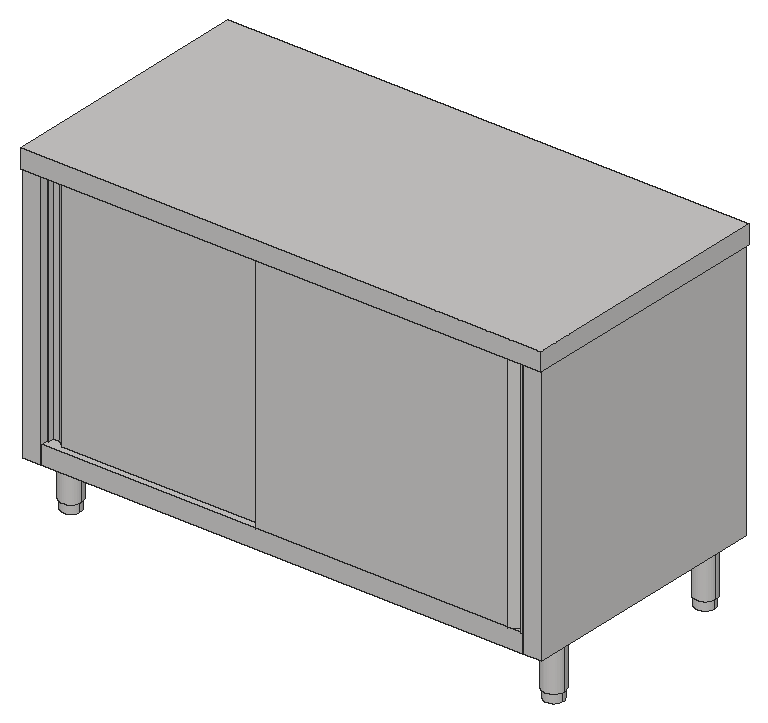
Revit family "QF_ZANUSSI_133246_MTND1400PN", category Attrezzature speciali, Revit 2020
Family settings
  Quota connettore circolare = Usa diametro
  Tipo di parte = Normale
  Basato su piano di lavoro = No
  Sempre verticale = Sì
  Taglio con vuoti quando caricato = No
  Condiviso = No
  Punto di calcolo locali = No
Parameters (values of type "Standard")
  Weight = 60.00 kg
  Watts = 0 W
  Volts = 0 V
  URL Manufacturer = "http://www.zanussiprofessional.com"
  URL = "http://www.zanussiprofessional.com"
  Steam Supply Size = 0 mm
  Steam Supply Minimum Pressure = 0.0 Pa
  Steam Supply Maximum Pressure = 0.0 Pa
  Steam Consumption per Hour = 0
  Refrigeration Suction Line Size = 0.0 mm
  Refrigeration Liquid Line Size = 0.0 mm
  Refrigerant Compressor Remote = yes
  Prospetto di default = 0.0 mm
  Produttore = "Zanussi"
  Phase = 0
  Modello = "MTND1400PN"
  Length Actual = 1400.0 mm  # constant formula
  Item Number = "133246"
  Hot Water Size = 0 mm
  Height Actual = 900.0 mm  # constant formula
  HP = "0 HP"
  Gas Size = 0 mm
  Gas KW = 0
  Gas Input Pressure = 0 W
  Direct Waste Size = 0 mm
  Descrizione = "WORKTOP CUPB.PASSTH+SHELF+SLIDING D.1400"
  Depth Actual = 700.0 mm  # constant formula
  Cycle = 0 Hz
  Condensate Return Size = 0 mm
  Compressed Air Volume = 0.0 L/s
  Compressed Air Size = 0 mm
  Compressed Air Pressure = 0.0 Pa
  Cold Water Size = 0 mm
  Accessory = yes
Reference planes
  plane 1 "Center (Front/Back)": y = 0
  plane 2: z = 0
  plane 3 "Center (Left/Right)": x = -200
  plane 4 "LEFT": x = -900
  plane 5 "RIGHT": x = 500
  plane 6 "BACK": y = 350
  plane 7 "FRONT": y = -350
  plane 8 "Base": z = 850
  plane 9 "TOP": z = 900
  plane 10: x = -850
  plane 11: x = 450
  plane 12: y = 267
  plane 13: y = -241.9
  plane 14 "BodyLeft": x = -899
  plane 15 "BodyFront": y = -344.5
  plane 16 "BodyRight": x = 499
  plane 17 "BodyBack": y = 344.5
  plane 18 "FEET": z = 150
  plane 19: x = -270
  plane 20: x = -130
Forms (mm)
  Extrusion 1, solid, material "QF_Finishes_Stainless Steel"
    sketch origin (-200, 0, 0) x (0, 1, 0) y (0, 0, 1)
      loop
        line (-350, 850) -> (350, 850) -> (350, 900) -> (-350, 900) -> (-350, 850)
    from 700 to -700
  Extrusion 2, solid, material "QF_Finishes_Stainless Steel"
    sketch origin (0, 0, 150) x (-1, 0, 0) y (0, -1, 0)
      loop
        line (899, -344.5) -> (899, 344.5) -> (849, 344.5) -> (849, -344.5) -> (899, -344.5)
      loop
        line (-449, -344.5) -> (-449, 344.5) -> (-499, 344.5) -> (-499, -344.5) -> (-449, -344.5)
    from 0 to 700
  Extrusion 3, solid, material "QF_Finishes_Stainless Steel"
    sketch origin (0, 0, 150) x (-1, 0, 0) y (0, -1, 0)
      loop
        line (849, -344.5) -> (849, 344.5) -> (-449, 344.5) -> (-449, -344.5) -> (849, -344.5)
    from 0 to 50
  Extrusion 4, solid, material "QF_Finishes_Stainless Steel"
    sketch origin (0, 0, 150) x (-1, 0, 0) y (0, -1, 0)
      loop
        line (-449, 344.5) -> (-449, 324.5) -> (270, 324.5) -> (270, 344.5) -> (-409, 344.5) -> (-429, 329.5) -> (-444, 329.5) -> (-444, 344.5) -> (-449, 344.5)
    from 50 to 700
  Extrusion 5, solid, material "QF_Finishes_Stainless Steel"
    sketch origin (0, 20, 150) x (1, 0, 0) y (0, 1, 0)
      loop
        line (-849, -344.5) -> (-844, -344.5) -> (-844, -329.5) -> (-829, -329.5) -> (-809, -344.5) -> (-130, -344.5) -> (-130, -324.5) -> (-849, -324.5) -> (-849, -344.5)
    from 50 to 700
  Extrusion 6, solid, material "QF_Finishes_Stainless Steel"
    sketch origin (0, 0, 150) x (-1, 0, 0) y (0, -1, 0)
      loop
        line (-447.6, -344.5) -> (-442.6, -344.5) -> (-442.6, -329.5) -> (-427.6, -329.5) -> (-407.6, -344.5) -> (130, -344.5) -> (130, -324.5) -> (-447.6, -324.5) -> (-447.6, -344.5)
    from 50 to 700
  Extrusion 7, solid, material "QF_Finishes_Stainless Steel"
    sketch origin (0, -20, 150) x (1, 0, 0) y (0, 1, 0)
      loop
        line (-847.6, 344.5) -> (-847.6, 324.5) -> (-270, 324.5) -> (-270, 344.5) -> (-807.6, 344.5) -> (-827.6, 329.5) -> (-842.6, 329.5) -> (-842.6, 344.5) -> (-847.6, 344.5)
    from 50 to 700
  Extrusion 8, solid, material "QF_Finishes_Stainless Steel"
    sketch origin (0, 0, 0) x (1, 0, 0) y (0, 1, 0)
      loop
        line (-849, -304.5) -> (449, -304.5) -> (449, 304.5) -> (-849, 304.5) -> (-849, -304.5)
    from 500 to 540
Lines and regions (mm)
  symbolic lines
    curve 1: line (500, 350, 900) -> (-900, 350, 900)
    curve 2: line (-900, 350, 900) -> (-900, -350, 900)
    curve 3: line (-900, -350, 900) -> (500, -350, 900)
    curve 4: line (500, -350, 900) -> (500, 350, 900)
  symbolic lines, style "SpecialityEquipmentHiddenLines"
    curve 5: line (-899, 344.5, 150) -> (499, 344.5, 150)
    curve 6: line (-899, -344.5, 150) -> (-899, 344.5, 150)
    curve 7: line (499, -344.5, 150) -> (-899, -344.5, 150)
    curve 8: line (499, 344.5, 150) -> (499, -344.5, 150)
    curve 9: line (-849, -304.5, 150) -> (-130, -304.5, 150)
    curve 10: line (-130, -304.5, 150) -> (-130, -324.5, 150)
    curve 11: line (-849, -324.5, 150) -> (449, -324.5, 150)
    curve 12: line (449, -324.5, 150) -> (449, -344.5, 150)
    curve 13: line (-270, -324.5, 150) -> (-270, -344.5, 150)
    curve 14: line (-849, -304.5, 150) -> (-849, -324.5, 150)
Dimensions and locks
  plane 4 "LEFT" to plane 5 "RIGHT" = 1400.0 mm
  equal spacing: plane 4 "LEFT", plane 3 "Center (Left/Right)", plane 5 "RIGHT"
  locked: plane 8 "Base" to level at 850
  plane 9 "TOP" to level = 900.0 mm
  plane 6 "BACK" to plane 7 "FRONT" = 700.0 mm
  equal spacing: plane 6 "BACK", plane 1 "Center (Front/Back)", plane 7 "FRONT"
  locked: plane 4 "LEFT" to plane 14 "BodyLeft" at 1
  locked: plane 16 "BodyRight" to plane 5 "RIGHT" at 1
  locked: plane 15 "BodyFront" to plane 7 "FRONT" at 5.5
  locked: plane 6 "BACK" to plane 17 "BodyBack" at 5.5
  locked: plane 14 "BodyLeft" to plane 10 at 49
  locked: plane 11 to plane 16 "BodyRight" at 49
  locked: plane 13 to plane 15 "BodyFront" at 102.6
  locked: plane 17 "BodyBack" to plane 12 at 77.5
  plane 10 to plane 11 = 1300.0 mm
  plane 12 to plane 13 = 508.9 mm
  locked: plane 14 "BodyLeft" to Extrusion 2 sketch curve at 50
  locked: Extrusion 2 sketch curve to Extrusion 2 sketch curve at 50
  locked: plane 3 "Center (Left/Right)" to plane 20 at 70
  locked: plane 19 to plane 3 "Center (Left/Right)" at 70
  locked: plane 18 "FEET" to level at 150
  aligned and locked: level to plane 2
  aligned and locked: plane 10 to nested 1
  aligned and locked: nested 1 to plane 13
  aligned and locked: plane 11 to nested 2
  aligned and locked: nested 2 to plane 13
  aligned and locked: plane 11 to nested 4
  aligned and locked: nested 4 to plane 12
  aligned and locked: plane 10 to nested 3
  aligned and locked: nested 3 to plane 12
  aligned and locked: Extrusion 1 to plane 4 "LEFT"
  aligned and locked: plane 5 "RIGHT" to Extrusion 1
  aligned and locked: curve 2 to plane 4 "LEFT"
  aligned and locked: plane 17 "BodyBack" to Extrusion 2 sketch curve
  aligned and locked: Extrusion 2 sketch curve to plane 15 "BodyFront"
  aligned and locked: Extrusion 2 sketch curve to plane 14 "BodyLeft"
  aligned and locked: plane 16 "BodyRight" to Extrusion 2 sketch curve
  aligned and locked: Extrusion 2 sketch curve to plane 17 "BodyBack"
  aligned and locked: plane 15 "BodyFront" to Extrusion 2 sketch curve
  aligned and locked: Extrusion 3 sketch curve to plane 17 "BodyBack"
  aligned and locked: plane 15 "BodyFront" to Extrusion 3 sketch curve
  aligned and locked: plane 8 "Base" to Extrusion 2
  aligned and locked: plane 8 "Base" to Extrusion 4
  aligned and locked: Extrusion 4 to Extrusion 3
  aligned and locked: Extrusion 1 to plane 8 "Base"
  aligned and locked: plane 9 "TOP" to Extrusion 1
  aligned and locked: curve 5 to plane 17 "BodyBack"
  aligned and locked: plane 14 "BodyLeft" to curve 6
  aligned and locked: plane 15 "BodyFront" to curve 7
  aligned and locked: plane 16 "BodyRight" to curve 8
  aligned and locked: Extrusion 3 to Extrusion 2  (x2)
  aligned and locked: Extrusion 8 sketch curve to Extrusion 7
  aligned and locked: Extrusion 8 sketch curve to Extrusion 2  (x2)
  aligned and locked: Extrusion 8 sketch curve to Extrusion 5
  aligned and locked: Extrusion 4 sketch curve to plane 19
  aligned and locked: Extrusion 5 sketch curve to plane 20
Automatic sketch dimensions
  curve 3 to plane 7 "FRONT" = 0.0 mm
  curve 4 to plane 6 "BACK" = 0.0 mm
  Extrusion 1 sketch curve to plane 7 "FRONT" = 0.0 mm
  Extrusion 1 sketch curve to plane 6 "BACK" = 0.0 mm
  Extrusion 1 sketch curve to plane 8 "Base" = 0.0 mm
  Extrusion 1 sketch curve to plane 9 "TOP" = 0.0 mm
  Extrusion 3 sketch curve to plane 11 = 1.0 mm
  plane 10 to Extrusion 3 sketch curve = 1.0 mm
  Extrusion 4 sketch curve to plane 15 "BodyFront" = 0.0 mm  (x2)
  Extrusion 4 sketch curve to plane 11 = 41.0 mm
  Extrusion 4 sketch curve to plane 11 = 21.0 mm
  Extrusion 4 sketch curve to plane 11 = 6.0 mm
  Extrusion 4 sketch curve to plane 11 = 1.0 mm
  plane 15 "BodyFront" to Extrusion 4 sketch curve = 15.0 mm
  plane 15 "BodyFront" to Extrusion 4 sketch curve = 20.0 mm
  Extrusion 5 sketch curve to plane 15 "BodyFront" = 20.0 mm  (x2)
  Extrusion 5 sketch curve to plane 10 = 41.0 mm
  Extrusion 5 sketch curve to plane 10 = 21.0 mm
  Extrusion 5 sketch curve to plane 10 = 6.0 mm
  Extrusion 5 sketch curve to plane 10 = 1.0 mm
  Extrusion 5 sketch curve to Extrusion 5 sketch curve = 15.0 mm
  Extrusion 5 sketch curve to Extrusion 5 sketch curve = 20.0 mm
  plane 19 to curve 10 = 140.0 mm
  curve 13 to plane 20 = 140.0 mm
  curve 11 to plane 11 = 1.0 mm
  plane 10 to curve 11 = 1.0 mm
  plane 15 "BodyFront" to curve 9 = 40.0 mm
  curve 12 to curve 12 = 20.0 mm
  Extrusion 6 sketch curve to plane 17 "BodyBack" = 0.0 mm  (x2)
  Extrusion 6 sketch curve to plane 20 = 0.0 mm
  plane 11 to Extrusion 6 sketch curve = 42.4 mm
  plane 11 to Extrusion 6 sketch curve = 22.4 mm
  plane 11 to Extrusion 6 sketch curve = 7.4 mm
  plane 11 to Extrusion 6 sketch curve = 2.4 mm
  plane 17 "BodyBack" to Extrusion 6 sketch curve = 15.0 mm
  plane 17 "BodyBack" to Extrusion 6 sketch curve = 20.0 mm
  Extrusion 7 sketch curve to plane 19 = 0.0 mm
  Extrusion 7 sketch curve to plane 17 "BodyBack" = 20.0 mm  (x2)
  plane 10 to Extrusion 7 sketch curve = 42.4 mm
  plane 10 to Extrusion 7 sketch curve = 22.4 mm
  plane 10 to Extrusion 7 sketch curve = 7.4 mm
  plane 10 to Extrusion 7 sketch curve = 2.4 mm
  Extrusion 7 sketch curve to Extrusion 7 sketch curve = 15.0 mm
  Extrusion 7 sketch curve to Extrusion 7 sketch curve = 20.0 mm
  curve 4 to plane 5 "RIGHT" = 0.0 mm
Nested families
  nested 1: "FEET_D58-150" at (-850, -241.9, 0), type "FEET_D58-150"
  nested 2: "FEET_D58-150" at (450, -241.9, 0), type "FEET_D58-150"
  nested 3: "FEET_D58-150" at (-850, 267, 0), type "FEET_D58-150"
  nested 4: "FEET_D58-150" at (450, 267, 0), type "FEET_D58-150"
Definition of nested family "FEET_D58-150"
  Parameters
    Default Elevation = 0.0 mm
    FEET = 150.0 mm
  Reference planes
    plane 1 "Center (Front/Back)": y = 0
    plane 2: z = 0
    plane 3 "Center (Left/Right)": x = 0
    plane 4: z = 150
  Forms (mm)
    Extrusion 1, solid
      sketch origin (0, 0, 0) x (1, 0, 0) y (0, 1, 0)
        loop
          circle (0, 0) r 25
      from 0 to 25
    Extrusion 2, solid
      sketch origin (0, 0, 0) x (1, 0, 0) y (0, 1, 0)
        loop
          circle (0.061, 0) r 29
      from 25 to 150 <- "FEET"
  Lines and regions (mm)
    symbolic lines
      curve 1: line (0, -1.503, 0) -> (0, 1.508, 0)
      curve 2: line (1.561, 0, 0) -> (-1.439, 0, 0)
  Dimensions and locks
    "FEET": plane 4 to plane 2
    aligned and locked: level to plane 2
  Automatic sketch dimensions
    plane 1 "Center (Front/Back)" to Extrusion 1 sketch curve = 0.0 mm
    Extrusion 1 sketch curve to plane 3 "Center (Left/Right)" = 0.0 mm
    plane 1 "Center (Front/Back)" to curve 2 = 0.0 mm
    curve 1 to plane 3 "Center (Left/Right)" = 0.0 mm
    curve 2 to plane 3 "Center (Left/Right)" = 1.439 mm
    plane 3 "Center (Left/Right)" to curve 2 = 1.561 mm
    plane 1 "Center (Front/Back)" to curve 1 = 1.503 mm
    curve 1 to plane 1 "Center (Front/Back)" = 1.508 mm
    plane 1 "Center (Front/Back)" to Extrusion 2 sketch curve = 0.0 mm
    plane 3 "Center (Left/Right)" to Extrusion 2 sketch curve = 0.061 mm
    radius of Extrusion 1 sketch curve = 25.0 mm
    radius of Extrusion 2 sketch curve = 29.0 mm
